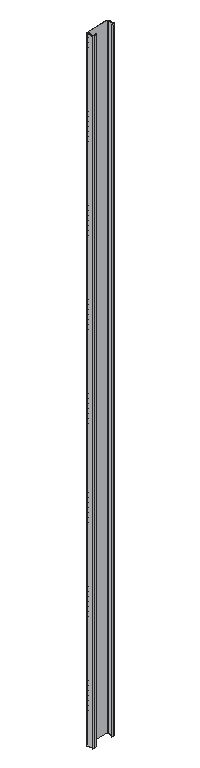
Revit family "side channel3", category Generic Models, Revit 2024
Family settings
  Can host rebar = No
  Round Connector Dimension = Use Diameter
  Part Type = Normal
  Work Plane-Based = No
  Always vertical = Yes
  Cut with Voids When Loaded = No
  Maintain Annotation Orientation = No
  Shared = No
  Room Calculation Point = No
Parameters
  SIDE CHANNEL LENGTH [instance] = 12' - 0"
  HEX REF [instance] = SIDE CHANNEL LENGTH - 0' 0 9/16"  # 11' - 11 7/16"
  HEX NUMBER [instance] = SIDE CHANNEL LENGTH / 0' 1"  # 144
  Default Elevation = 0' - 0"
Reference planes (in)
  plane 1 "Center (Front/Back)": y = 0
  plane 2: z = 0
  plane 3 "Center (Left/Right)": x = 0
  plane 4 "TOP": y = 3
  plane 5 "BOTTOM": y = -3
  plane 6 "LEFT": x = -0.875
  plane 7 "RIGHT": x = 0.875
  plane 8: y = 2.875
  plane 9: y = -2.875
  plane 10: x = 0.75
  plane 11: x = -0.75
  plane 12: y = 2.25
  plane 13: y = -2.25
  plane 14 "Center L/U": x = -0.875
  plane 15: x = -0.75
  plane 16 "SIDE CHANNEL LENGTH": z = 144
  plane 17 "Center L/V": y = 3
  plane 18 "Center L/W": y = -3
  plane 19 "Center L/Y": x = -0.875
  plane 20: y = 2.875
  plane 21: y = -2.875
  plane 22: x = -0.75
  plane 23: y = 2.25
  plane 24 "Center L/Z": x = 0.875
  plane 25: x = 0.75
  plane 26: z = 0.5625
  plane 27: y = -2.375
  plane 28: z = 0.8125
  plane 29: z = 0.3125
  plane 30: z = 1.5625
  plane 31: y = -2.375
  plane 32: z = 1.8125
  plane 33: z = 1.3125
  plane 34: z = 2.5625
  plane 35: y = -2.375
  plane 36: z = 2.8125
  plane 37: z = 2.3125
  plane 38: z = 3.5625
  plane 39: y = -2.375
  plane 40: z = 3.8125
  plane 41: z = 3.3125
  plane 42: z = 4.5625
  plane 43: y = -2.375
  plane 44: z = 4.8125
  plane 45: z = 4.3125
  plane 46: z = 5.5625
  plane 47: y = -2.375
  plane 48: z = 5.8125
  plane 49: z = 5.3125
  plane 50: z = 6.5625
  plane 51: y = -2.375
  plane 52: z = 6.8125
  plane 53: z = 6.3125
  plane 54: z = 7.5625
  plane 55: y = -2.375
  plane 56: z = 7.8125
  plane 57: z = 7.3125
  plane 58: z = 8.5625
  plane 59: y = -2.375
  plane 60: z = 8.8125
  plane 61: z = 8.3125
  plane 62: z = 9.5625
  plane 63: y = -2.375
  plane 64: z = 9.8125
  plane 65: z = 9.3125
  plane 66: z = 10.5625
  plane 67: y = -2.375
  plane 68: z = 10.8125
  plane 69: z = 10.3125
  plane 70: z = 11.5625
  plane 71: y = -2.375
  plane 72: z = 11.8125
  plane 73: z = 11.3125
  plane 74: z = 12.5625
  plane 75: y = -2.375
  plane 76: z = 12.8125
  plane 77: z = 12.3125
  plane 78: z = 13.5625
  plane 79: y = -2.375
  plane 80: z = 13.8125
  plane 81: z = 13.3125
  plane 82: z = 14.5625
  plane 83: y = -2.375
  plane 84: z = 14.8125
  plane 85: z = 14.3125
  plane 86: z = 15.5625
  plane 87: y = -2.375
  plane 88: z = 15.8125
  plane 89: z = 15.3125
  plane 90: z = 16.5625
  plane 91: y = -2.375
  plane 92: z = 16.8125
  plane 93: z = 16.3125
  plane 94: z = 17.5625
  plane 95: y = -2.375
  plane 96: z = 17.8125
  plane 97: z = 17.3125
  plane 98: z = 18.5625
  plane 99: y = -2.375
  plane 100: z = 18.8125
  plane 101: z = 18.3125
  plane 102: z = 19.5625
  plane 103: y = -2.375
  plane 104: z = 19.8125
  plane 105: z = 19.3125
  plane 106: z = 20.5625
  plane 107: y = -2.375
  plane 108: z = 20.8125
  plane 109: z = 20.3125
  plane 110: z = 21.5625
  plane 111: y = -2.375
  plane 112: z = 21.8125
  plane 113: z = 21.3125
  plane 114: z = 22.5625
  plane 115: y = -2.375
  plane 116: z = 22.8125
  plane 117: z = 22.3125
  plane 118: z = 23.5625
  plane 119: y = -2.375
  plane 120: z = 23.8125
  plane 121: z = 23.3125
  plane 122: z = 24.5625
  plane 123: y = -2.375
  plane 124: z = 24.8125
  plane 125: z = 24.3125
  plane 126: z = 25.5625
  plane 127: y = -2.375
  plane 128: z = 25.8125
  plane 129: z = 25.3125
  plane 130: z = 26.5625
  plane 131: y = -2.375
  plane 132: z = 26.8125
  plane 133: z = 26.3125
  plane 134: z = 27.5625
  plane 135: y = -2.375
  plane 136: z = 27.8125
  plane 137: z = 27.3125
  plane 138: z = 28.5625
  plane 139: y = -2.375
  plane 140: z = 28.8125
  plane 141: z = 28.3125
  plane 142: z = 29.5625
  plane 143: y = -2.375
  plane 144: z = 29.8125
  plane 145: z = 29.3125
  plane 146: z = 30.5625
  plane 147: y = -2.375
  plane 148: z = 30.8125
  plane 149: z = 30.3125
  plane 150: z = 31.5625
  plane 151: y = -2.375
  plane 152: z = 31.8125
  plane 153: z = 31.3125
  plane 154: z = 32.5625
  plane 155: y = -2.375
  plane 156: z = 32.8125
  plane 157: z = 32.3125
  plane 158: z = 33.5625
  plane 159: y = -2.375
  plane 160: z = 33.8125
  plane 161: z = 33.3125
  plane 162: z = 34.5625
  plane 163: y = -2.375
  plane 164: z = 34.8125
  plane 165: z = 34.3125
  plane 166: z = 35.5625
  plane 167: y = -2.375
  plane 168: z = 35.8125
  plane 169: z = 35.3125
  plane 170: z = 36.5625
  plane 171: y = -2.375
  plane 172: z = 36.8125
  plane 173: z = 36.3125
  plane 174: z = 37.5625
  plane 175: y = -2.375
  plane 176: z = 37.8125
  plane 177: z = 37.3125
  plane 178: z = 38.5625
  plane 179: y = -2.375
  plane 180: z = 38.8125
  plane 181: z = 38.3125
  plane 182: z = 39.5625
  plane 183: y = -2.375
  plane 184: z = 39.8125
  plane 185: z = 39.3125
  plane 186: z = 40.5625
  plane 187: y = -2.375
  plane 188: z = 40.8125
  plane 189: z = 40.3125
  plane 190: z = 41.5625
  plane 191: y = -2.375
  plane 192: z = 41.8125
  plane 193: z = 41.3125
  plane 194: z = 42.5625
  plane 195: y = -2.375
  plane 196: z = 42.8125
  plane 197: z = 42.3125
  plane 198: z = 43.5625
  plane 199: y = -2.375
  plane 200: z = 43.8125
  plane 201: z = 43.3125
  plane 202: z = 44.5625
  plane 203: y = -2.375
  plane 204: z = 44.8125
  plane 205: z = 44.3125
  plane 206: z = 45.5625
  plane 207: y = -2.375
  plane 208: z = 45.8125
  plane 209: z = 45.3125
  plane 210: z = 46.5625
  plane 211: y = -2.375
  plane 212: z = 46.8125
  plane 213: z = 46.3125
  plane 214: z = 47.5625
  plane 215: y = -2.375
  plane 216: z = 47.8125
  plane 217: z = 47.3125
  plane 218: z = 48.5625
  plane 219: y = -2.375
  plane 220: z = 48.8125
  plane 221: z = 48.3125
  plane 222: z = 49.5625
  plane 223: y = -2.375
  plane 224: z = 49.8125
  plane 225: z = 49.3125
  plane 226: z = 50.5625
  plane 227: y = -2.375
  plane 228: z = 50.8125
  plane 229: z = 50.3125
  plane 230: z = 51.5625
  plane 231: y = -2.375
  plane 232: z = 51.8125
  plane 233: z = 51.3125
  plane 234: z = 52.5625
  plane 235: y = -2.375
  plane 236: z = 52.8125
  plane 237: z = 52.3125
  plane 238: z = 53.5625
  plane 239: y = -2.375
  plane 240: z = 53.8125
  plane 241: z = 53.3125
  plane 242: z = 54.5625
  plane 243: y = -2.375
  plane 244: z = 54.8125
  plane 245: z = 54.3125
  plane 246: z = 55.5625
  plane 247: y = -2.375
  plane 248: z = 55.8125
  plane 249: z = 55.3125
  plane 250: z = 56.5625
  plane 251: y = -2.375
  plane 252: z = 56.8125
  plane 253: z = 56.3125
  plane 254: z = 57.5625
  plane 255: y = -2.375
  plane 256: z = 57.8125
  plane 257: z = 57.3125
  plane 258: z = 58.5625
  plane 259: y = -2.375
  plane 260: z = 58.8125
  plane 261: z = 58.3125
  plane 262: z = 59.5625
  plane 263: y = -2.375
  plane 264: z = 59.8125
  plane 265: z = 59.3125
  plane 266: z = 60.5625
  plane 267: y = -2.375
  plane 268: z = 60.8125
  plane 269: z = 60.3125
  plane 270: z = 61.5625
  plane 271: y = -2.375
  plane 272: z = 61.8125
  plane 273: z = 61.3125
  plane 274: z = 62.5625
  plane 275: y = -2.375
  plane 276: z = 62.8125
  plane 277: z = 62.3125
  plane 278: z = 63.5625
  plane 279: y = -2.375
  plane 280: z = 63.8125
  plane 281: z = 63.3125
  plane 282: z = 64.5625
  plane 283: y = -2.375
  plane 284: z = 64.8125
  plane 285: z = 64.3125
  plane 286: z = 65.5625
  plane 287: y = -2.375
  plane 288: z = 65.8125
  plane 289: z = 65.3125
  plane 290: z = 66.5625
  plane 291: y = -2.375
  plane 292: z = 66.8125
  plane 293: z = 66.3125
  plane 294: z = 67.5625
  plane 295: y = -2.375
  plane 296: z = 67.8125
  plane 297: z = 67.3125
  plane 298: z = 68.5625
  plane 299: y = -2.375
  plane 300: z = 68.8125
  plane 301: z = 68.3125
  plane 302: z = 69.5625
  plane 303: y = -2.375
  plane 304: z = 69.8125
  plane 305: z = 69.3125
  plane 306: z = 70.5625
  plane 307: y = -2.375
  plane 308: z = 70.8125
  plane 309: z = 70.3125
  plane 310: z = 71.5625
  plane 311: y = -2.375
  plane 312: z = 71.8125
  plane 313: z = 71.3125
  plane 314: z = 72.5625
  plane 315: y = -2.375
  plane 316: z = 72.8125
  plane 317: z = 72.3125
  plane 318: z = 73.5625
  plane 319: y = -2.375
  plane 320: z = 73.8125
  plane 321: z = 73.3125
  plane 322: z = 74.5625
  plane 323: y = -2.375
  plane 324: z = 74.8125
  plane 325: z = 74.3125
  plane 326: z = 75.5625
  plane 327: y = -2.375
  plane 328: z = 75.8125
  plane 329: z = 75.3125
  plane 330: z = 76.5625
  plane 331: y = -2.375
  plane 332: z = 76.8125
  plane 333: z = 76.3125
  plane 334: z = 77.5625
  plane 335: y = -2.375
  plane 336: z = 77.8125
  plane 337: z = 77.3125
  plane 338: z = 78.5625
  plane 339: y = -2.375
  plane 340: z = 78.8125
  plane 341: z = 78.3125
  plane 342: z = 79.5625
  plane 343: y = -2.375
  plane 344: z = 79.8125
  plane 345: z = 79.3125
  plane 346: z = 80.5625
  plane 347: y = -2.375
  plane 348: z = 80.8125
  plane 349: z = 80.3125
  plane 350: z = 81.5625
  plane 351: y = -2.375
  plane 352: z = 81.8125
  plane 353: z = 81.3125
  plane 354: z = 82.5625
  plane 355: y = -2.375
  plane 356: z = 82.8125
  plane 357: z = 82.3125
  plane 358: z = 83.5625
  plane 359: y = -2.375
  plane 360: z = 83.8125
  plane 361: z = 83.3125
  plane 362: z = 84.5625
  plane 363: y = -2.375
  plane 364: z = 84.8125
  plane 365: z = 84.3125
  plane 366: z = 85.5625
  plane 367: y = -2.375
  plane 368: z = 85.8125
  plane 369: z = 85.3125
  plane 370: z = 86.5625
  plane 371: y = -2.375
  plane 372: z = 86.8125
  plane 373: z = 86.3125
  plane 374: z = 87.5625
  plane 375: y = -2.375
  plane 376: z = 87.8125
  plane 377: z = 87.3125
  plane 378: z = 88.5625
  plane 379: y = -2.375
  plane 380: z = 88.8125
  plane 381: z = 88.3125
  plane 382: z = 89.5625
  plane 383: y = -2.375
  plane 384: z = 89.8125
  plane 385: z = 89.3125
  plane 386: z = 90.5625
  plane 387: y = -2.375
  plane 388: z = 90.8125
  plane 389: z = 90.3125
  plane 390: z = 91.5625
  plane 391: y = -2.375
  plane 392: z = 91.8125
  plane 393: z = 91.3125
  plane 394: z = 92.5625
  plane 395: y = -2.375
  plane 396: z = 92.8125
  plane 397: z = 92.3125
  plane 398: z = 93.5625
  plane 399: y = -2.375
  plane 400: z = 93.8125
  plane 401: z = 93.3125
  plane 402: z = 94.5625
  plane 403: y = -2.375
  plane 404: z = 94.8125
  plane 405: z = 94.3125
  plane 406: z = 95.5625
  plane 407: y = -2.375
  plane 408: z = 95.8125
  plane 409: z = 95.3125
  plane 410: z = 96.5625
  plane 411: y = -2.375
  plane 412: z = 96.8125
  plane 413: z = 96.3125
  plane 414: z = 97.5625
  plane 415: y = -2.375
  plane 416: z = 97.8125
  plane 417: z = 97.3125
  plane 418: z = 98.5625
  plane 419: y = -2.375
  plane 420: z = 98.8125
  plane 421: z = 98.3125
  plane 422: z = 99.5625
  plane 423: y = -2.375
  plane 424: z = 99.8125
  plane 425: z = 99.3125
  plane 426: z = 100.5625
  plane 427: y = -2.375
  plane 428: z = 100.8125
  plane 429: z = 100.3125
  plane 430: z = 101.5625
  plane 431: y = -2.375
  plane 432: z = 101.8125
  plane 433: z = 101.3125
  plane 434: z = 102.5625
  plane 435: y = -2.375
  plane 436: z = 102.8125
  plane 437: z = 102.3125
  plane 438: z = 103.5625
  plane 439: y = -2.375
  plane 440: z = 103.8125
  plane 441: z = 103.3125
  plane 442: z = 104.5625
  plane 443: y = -2.375
  plane 444: z = 104.8125
  plane 445: z = 104.3125
  plane 446: z = 105.5625
  plane 447: y = -2.375
  plane 448: z = 105.8125
  plane 449: z = 105.3125
  plane 450: z = 106.5625
  plane 451: y = -2.375
  plane 452: z = 106.8125
  plane 453: z = 106.3125
  plane 454: z = 107.5625
  plane 455: y = -2.375
  plane 456: z = 107.8125
  plane 457: z = 107.3125
  plane 458: z = 108.5625
  plane 459: y = -2.375
  plane 460: z = 108.8125
  plane 461: z = 108.3125
  plane 462: z = 109.5625
  plane 463: y = -2.375
  plane 464: z = 109.8125
  plane 465: z = 109.3125
  plane 466: z = 110.5625
  plane 467: y = -2.375
  plane 468: z = 110.8125
  plane 469: z = 110.3125
  plane 470: z = 111.5625
  plane 471: y = -2.375
  plane 472: z = 111.8125
  plane 473: z = 111.3125
  plane 474: z = 112.5625
  plane 475: y = -2.375
  plane 476: z = 112.8125
  plane 477: z = 112.3125
  plane 478: z = 113.5625
  plane 479: y = -2.375
  plane 480: z = 113.8125
  plane 481: z = 113.3125
  plane 482: z = 114.5625
  plane 483: y = -2.375
  plane 484: z = 114.8125
  plane 485: z = 114.3125
  plane 486: z = 115.5625
  plane 487: y = -2.375
  plane 488: z = 115.8125
  plane 489: z = 115.3125
  plane 490: z = 116.5625
  plane 491: y = -2.375
  plane 492: z = 116.8125
  plane 493: z = 116.3125
  plane 494: z = 117.5625
  plane 495: y = -2.375
  plane 496: z = 117.8125
  plane 497: z = 117.3125
  plane 498: z = 118.5625
  plane 499: y = -2.375
  plane 500: z = 118.8125
  plane 501: z = 118.3125
  plane 502: z = 119.5625
  plane 503: y = -2.375
  plane 504: z = 119.8125
  plane 505: z = 119.3125
  plane 506: z = 120.5625
  plane 507: y = -2.375
  plane 508: z = 120.8125
  plane 509: z = 120.3125
  plane 510: z = 121.5625
  plane 511: y = -2.375
  plane 512: z = 121.8125
  plane 513: z = 121.3125
  plane 514: z = 122.5625
  plane 515: y = -2.375
  plane 516: z = 122.8125
  plane 517: z = 122.3125
  plane 518: z = 123.5625
  plane 519: y = -2.375
  plane 520: z = 123.8125
  plane 521: z = 123.3125
  plane 522: z = 124.5625
  plane 523: y = -2.375
  plane 524: z = 124.8125
  plane 525: z = 124.3125
  plane 526: z = 125.5625
  plane 527: y = -2.375
  plane 528: z = 125.8125
  plane 529: z = 125.3125
  plane 530: z = 126.5625
  plane 531: y = -2.375
  plane 532: z = 126.8125
  plane 533: z = 126.3125
  plane 534: z = 127.5625
  plane 535: y = -2.375
  plane 536: z = 127.8125
  plane 537: z = 127.3125
  plane 538: z = 128.5625
  plane 539: y = -2.375
  plane 540: z = 128.8125
  plane 541: z = 128.3125
  plane 542: z = 129.5625
  plane 543: y = -2.375
  plane 544: z = 129.8125
  plane 545: z = 129.3125
  plane 546: z = 130.5625
  plane 547: y = -2.375
  plane 548: z = 130.8125
  plane 549: z = 130.3125
  plane 550: z = 131.5625
  plane 551: y = -2.375
  plane 552: z = 131.8125
  plane 553: z = 131.3125
  plane 554: z = 132.5625
  plane 555: y = -2.375
  plane 556: z = 132.8125
  plane 557: z = 132.3125
  plane 558: z = 133.5625
  plane 559: y = -2.375
  plane 560: z = 133.8125
  plane 561: z = 133.3125
  plane 562: z = 134.5625
  plane 563: y = -2.375
  plane 564: z = 134.8125
  plane 565: z = 134.3125
  plane 566: z = 135.5625
  plane 567: y = -2.375
  plane 568: z = 135.8125
  plane 569: z = 135.3125
  plane 570: z = 136.5625
  plane 571: y = -2.375
  plane 572: z = 136.8125
  plane 573: z = 136.3125
  plane 574: z = 137.5625
  plane 575: y = -2.375
  plane 576: z = 137.8125
  plane 577: z = 137.3125
  plane 578: z = 138.5625
  plane 579: y = -2.375
  plane 580: z = 138.8125
  plane 581: z = 138.3125
  plane 582: z = 139.5625
  plane 583: y = -2.375
  plane 584: z = 139.8125
  plane 585: z = 139.3125
  plane 586: z = 140.5625
  plane 587: y = -2.375
  plane 588: z = 140.8125
  plane 589: z = 140.3125
  plane 590: z = 141.5625
  plane 591: y = -2.375
  plane 592: z = 141.8125
  plane 593: z = 141.3125
  plane 594: z = 142.5625
  plane 595: y = -2.375
  plane 596: z = 142.8125
  plane 597: z = 142.3125
  plane 598: z = 143.5625
  plane 599: y = -2.375
  plane 600: z = 143.8125
  plane 601: z = 143.3125
Forms (in)
  Extrusion 1, solid
    sketch origin (0, 0, 0) x (-1, 0, 0) y (0, -1, 0)
      loop
        line (-0.875, -2.25) -> (-0.875, -2.75)
        arc (-0.875, -2.75) -> (-0.80178, -2.92678) -> (-0.625, -3) r 0.25
        line (-0.625, -3) -> (0.625, -3)
        arc (0.625, -3) -> (0.80178, -2.92678) -> (0.875, -2.75) r 0.25
        line (0.875, -2.75) -> (0.875, 2.75)
        arc (0.875, 2.75) -> (0.80178, 2.92678) -> (0.625, 3) r 0.25
        line (0.625, 3) -> (-0.625, 3)
        arc (-0.625, 3) -> (-0.80178, 2.92678) -> (-0.875, 2.75) r 0.25
        line (-0.875, 2.75) -> (-0.875, 2.25) -> (-0.75, 2.25) -> (-0.75, 2.75)
        arc (-0.75, 2.75) -> (-0.71339, 2.83839) -> (-0.625, 2.875) r 0.125
        line (-0.625, 2.875) -> (0.625, 2.875)
        arc (0.625, 2.875) -> (0.71339, 2.83839) -> (0.75, 2.75) r 0.125
        line (0.75, 2.75) -> (0.75, -2.75)
        arc (0.75, -2.75) -> (0.71339, -2.83839) -> (0.625, -2.875) r 0.125
        line (0.625, -2.875) -> (-0.625, -2.875)
        arc (-0.625, -2.875) -> (-0.71339, -2.83839) -> (-0.75, -2.75) r 0.125
        line (-0.75, -2.75) -> (-0.75, -2.25) -> (-0.875, -2.25)
    from 0 to 144 <- "SIDE CHANNEL LENGTH"
  Extrusion 2, void
    sketch origin (0, 0, 0) x (0, 1, 0) y (0, 0, -1)
      loop
        line (-2, -0.5625) -> (-2.1875, -0.23774) -> (-2.5625, -0.23774) -> (-2.60566, -0.3125) -> (-3, -0.3125) -> (-3, -0.8125) -> (-2.60566, -0.8125) -> (-2.5625, -0.88726) -> (-2.1875, -0.88726) -> (-2, -0.5625)
    from 0.32087 to 0.875
  Extrusion 3, void
    sketch origin (0, 0, 1) x (0, 1, 0) y (0, 0, -1)
      loop
        line (-2, -0.5625) -> (-2.1875, -0.23774) -> (-2.5625, -0.23774) -> (-2.60566, -0.3125) -> (-3, -0.3125) -> (-3, -0.8125) -> (-2.60566, -0.8125) -> (-2.5625, -0.88726) -> (-2.1875, -0.88726) -> (-2, -0.5625)
    from 0.32087 to 0.875
  Extrusion 4, void
    sketch origin (0, 0, 2) x (0, 1, 0) y (0, 0, -1)
      loop
        line (-2, -0.5625) -> (-2.1875, -0.23774) -> (-2.5625, -0.23774) -> (-2.60566, -0.3125) -> (-3, -0.3125) -> (-3, -0.8125) -> (-2.60566, -0.8125) -> (-2.5625, -0.88726) -> (-2.1875, -0.88726) -> (-2, -0.5625)
    from 0.32087 to 0.875
  Extrusion 5, void
    sketch origin (0, 0, 3) x (0, 1, 0) y (0, 0, -1)
      loop
        line (-2, -0.5625) -> (-2.1875, -0.23774) -> (-2.5625, -0.23774) -> (-2.60566, -0.3125) -> (-3, -0.3125) -> (-3, -0.8125) -> (-2.60566, -0.8125) -> (-2.5625, -0.88726) -> (-2.1875, -0.88726) -> (-2, -0.5625)
    from 0.32087 to 0.875
  Extrusion 6, void
    sketch origin (0, 0, 4) x (0, 1, 0) y (0, 0, -1)
      loop
        line (-2, -0.5625) -> (-2.1875, -0.23774) -> (-2.5625, -0.23774) -> (-2.60566, -0.3125) -> (-3, -0.3125) -> (-3, -0.8125) -> (-2.60566, -0.8125) -> (-2.5625, -0.88726) -> (-2.1875, -0.88726) -> (-2, -0.5625)
    from 0.32087 to 0.875
  Extrusion 7, void
    sketch origin (0, 0, 5) x (0, 1, 0) y (0, 0, -1)
      loop
        line (-2, -0.5625) -> (-2.1875, -0.23774) -> (-2.5625, -0.23774) -> (-2.60566, -0.3125) -> (-3, -0.3125) -> (-3, -0.8125) -> (-2.60566, -0.8125) -> (-2.5625, -0.88726) -> (-2.1875, -0.88726) -> (-2, -0.5625)
    from 0.32087 to 0.875
  Extrusion 8, void
    sketch origin (0, 0, 6) x (0, 1, 0) y (0, 0, -1)
      loop
        line (-2, -0.5625) -> (-2.1875, -0.23774) -> (-2.5625, -0.23774) -> (-2.60566, -0.3125) -> (-3, -0.3125) -> (-3, -0.8125) -> (-2.60566, -0.8125) -> (-2.5625, -0.88726) -> (-2.1875, -0.88726) -> (-2, -0.5625)
    from 0.32087 to 0.875
  Extrusion 9, void
    sketch origin (0, 0, 7) x (0, 1, 0) y (0, 0, -1)
      loop
        line (-2, -0.5625) -> (-2.1875, -0.23774) -> (-2.5625, -0.23774) -> (-2.60566, -0.3125) -> (-3, -0.3125) -> (-3, -0.8125) -> (-2.60566, -0.8125) -> (-2.5625, -0.88726) -> (-2.1875, -0.88726) -> (-2, -0.5625)
    from 0.32087 to 0.875
  Extrusion 10, void
    sketch origin (0, 0, 8) x (0, 1, 0) y (0, 0, -1)
      loop
        line (-2, -0.5625) -> (-2.1875, -0.23774) -> (-2.5625, -0.23774) -> (-2.60566, -0.3125) -> (-3, -0.3125) -> (-3, -0.8125) -> (-2.60566, -0.8125) -> (-2.5625, -0.88726) -> (-2.1875, -0.88726) -> (-2, -0.5625)
    from 0.32087 to 0.875
  Extrusion 11, void
    sketch origin (0, 0, 9) x (0, 1, 0) y (0, 0, -1)
      loop
        line (-2, -0.5625) -> (-2.1875, -0.23774) -> (-2.5625, -0.23774) -> (-2.60566, -0.3125) -> (-3, -0.3125) -> (-3, -0.8125) -> (-2.60566, -0.8125) -> (-2.5625, -0.88726) -> (-2.1875, -0.88726) -> (-2, -0.5625)
    from 0.32087 to 0.875
  Extrusion 12, void
    sketch origin (0, 0, 10) x (0, 1, 0) y (0, 0, -1)
      loop
        line (-2, -0.5625) -> (-2.1875, -0.23774) -> (-2.5625, -0.23774) -> (-2.60566, -0.3125) -> (-3, -0.3125) -> (-3, -0.8125) -> (-2.60566, -0.8125) -> (-2.5625, -0.88726) -> (-2.1875, -0.88726) -> (-2, -0.5625)
    from 0.32087 to 0.875
  Extrusion 13, void
    sketch origin (0, 0, 11) x (0, 1, 0) y (0, 0, -1)
      loop
        line (-2, -0.5625) -> (-2.1875, -0.23774) -> (-2.5625, -0.23774) -> (-2.60566, -0.3125) -> (-3, -0.3125) -> (-3, -0.8125) -> (-2.60566, -0.8125) -> (-2.5625, -0.88726) -> (-2.1875, -0.88726) -> (-2, -0.5625)
    from 0.32087 to 0.875
  Extrusion 14, void
    sketch origin (0, 0, 12) x (0, 1, 0) y (0, 0, -1)
      loop
        line (-2, -0.5625) -> (-2.1875, -0.23774) -> (-2.5625, -0.23774) -> (-2.60566, -0.3125) -> (-3, -0.3125) -> (-3, -0.8125) -> (-2.60566, -0.8125) -> (-2.5625, -0.88726) -> (-2.1875, -0.88726) -> (-2, -0.5625)
    from 0.32087 to 0.875
  Extrusion 15, void
    sketch origin (0, 0, 13) x (0, 1, 0) y (0, 0, -1)
      loop
        line (-2, -0.5625) -> (-2.1875, -0.23774) -> (-2.5625, -0.23774) -> (-2.60566, -0.3125) -> (-3, -0.3125) -> (-3, -0.8125) -> (-2.60566, -0.8125) -> (-2.5625, -0.88726) -> (-2.1875, -0.88726) -> (-2, -0.5625)
    from 0.32087 to 0.875
  Extrusion 16, void
    sketch origin (0, 0, 14) x (0, 1, 0) y (0, 0, -1)
      loop
        line (-2, -0.5625) -> (-2.1875, -0.23774) -> (-2.5625, -0.23774) -> (-2.60566, -0.3125) -> (-3, -0.3125) -> (-3, -0.8125) -> (-2.60566, -0.8125) -> (-2.5625, -0.88726) -> (-2.1875, -0.88726) -> (-2, -0.5625)
    from 0.32087 to 0.875
  Extrusion 17, void
    sketch origin (0, 0, 15) x (0, 1, 0) y (0, 0, -1)
      loop
        line (-2, -0.5625) -> (-2.1875, -0.23774) -> (-2.5625, -0.23774) -> (-2.60566, -0.3125) -> (-3, -0.3125) -> (-3, -0.8125) -> (-2.60566, -0.8125) -> (-2.5625, -0.88726) -> (-2.1875, -0.88726) -> (-2, -0.5625)
    from 0.32087 to 0.875
  Extrusion 18, void
    sketch origin (0, 0, 16) x (0, 1, 0) y (0, 0, -1)
      loop
        line (-2, -0.5625) -> (-2.1875, -0.23774) -> (-2.5625, -0.23774) -> (-2.60566, -0.3125) -> (-3, -0.3125) -> (-3, -0.8125) -> (-2.60566, -0.8125) -> (-2.5625, -0.88726) -> (-2.1875, -0.88726) -> (-2, -0.5625)
    from 0.32087 to 0.875
  Extrusion 19, void
    sketch origin (0, 0, 17) x (0, 1, 0) y (0, 0, -1)
      loop
        line (-2, -0.5625) -> (-2.1875, -0.23774) -> (-2.5625, -0.23774) -> (-2.60566, -0.3125) -> (-3, -0.3125) -> (-3, -0.8125) -> (-2.60566, -0.8125) -> (-2.5625, -0.88726) -> (-2.1875, -0.88726) -> (-2, -0.5625)
    from 0.32087 to 0.875
  Extrusion 20, void
    sketch origin (0, 0, 18) x (0, 1, 0) y (0, 0, -1)
      loop
        line (-2, -0.5625) -> (-2.1875, -0.23774) -> (-2.5625, -0.23774) -> (-2.60566, -0.3125) -> (-3, -0.3125) -> (-3, -0.8125) -> (-2.60566, -0.8125) -> (-2.5625, -0.88726) -> (-2.1875, -0.88726) -> (-2, -0.5625)
    from 0.32087 to 0.875
  Extrusion 21, void
    sketch origin (0, 0, 19) x (0, 1, 0) y (0, 0, -1)
      loop
        line (-2, -0.5625) -> (-2.1875, -0.23774) -> (-2.5625, -0.23774) -> (-2.60566, -0.3125) -> (-3, -0.3125) -> (-3, -0.8125) -> (-2.60566, -0.8125) -> (-2.5625, -0.88726) -> (-2.1875, -0.88726) -> (-2, -0.5625)
    from 0.32087 to 0.875
  Extrusion 22, void
    sketch origin (0, 0, 20) x (0, 1, 0) y (0, 0, -1)
      loop
        line (-2, -0.5625) -> (-2.1875, -0.23774) -> (-2.5625, -0.23774) -> (-2.60566, -0.3125) -> (-3, -0.3125) -> (-3, -0.8125) -> (-2.60566, -0.8125) -> (-2.5625, -0.88726) -> (-2.1875, -0.88726) -> (-2, -0.5625)
    from 0.32087 to 0.875
  Extrusion 23, void
    sketch origin (0, 0, 21) x (0, 1, 0) y (0, 0, -1)
      loop
        line (-2, -0.5625) -> (-2.1875, -0.23774) -> (-2.5625, -0.23774) -> (-2.60566, -0.3125) -> (-3, -0.3125) -> (-3, -0.8125) -> (-2.60566, -0.8125) -> (-2.5625, -0.88726) -> (-2.1875, -0.88726) -> (-2, -0.5625)
    from 0.32087 to 0.875
  Extrusion 24, void
    sketch origin (0, 0, 22) x (0, 1, 0) y (0, 0, -1)
      loop
        line (-2, -0.5625) -> (-2.1875, -0.23774) -> (-2.5625, -0.23774) -> (-2.60566, -0.3125) -> (-3, -0.3125) -> (-3, -0.8125) -> (-2.60566, -0.8125) -> (-2.5625, -0.88726) -> (-2.1875, -0.88726) -> (-2, -0.5625)
    from 0.32087 to 0.875
  Extrusion 25, void
    sketch origin (0, 0, 23) x (0, 1, 0) y (0, 0, -1)
      loop
        line (-2, -0.5625) -> (-2.1875, -0.23774) -> (-2.5625, -0.23774) -> (-2.60566, -0.3125) -> (-3, -0.3125) -> (-3, -0.8125) -> (-2.60566, -0.8125) -> (-2.5625, -0.88726) -> (-2.1875, -0.88726) -> (-2, -0.5625)
    from 0.32087 to 0.875
  Extrusion 26, void
    sketch origin (0, 0, 24) x (0, 1, 0) y (0, 0, -1)
      loop
        line (-2, -0.5625) -> (-2.1875, -0.23774) -> (-2.5625, -0.23774) -> (-2.60566, -0.3125) -> (-3, -0.3125) -> (-3, -0.8125) -> (-2.60566, -0.8125) -> (-2.5625, -0.88726) -> (-2.1875, -0.88726) -> (-2, -0.5625)
    from 0.32087 to 0.875
  Extrusion 27, void
    sketch origin (0, 0, 25) x (0, 1, 0) y (0, 0, -1)
      loop
        line (-2, -0.5625) -> (-2.1875, -0.23774) -> (-2.5625, -0.23774) -> (-2.60566, -0.3125) -> (-3, -0.3125) -> (-3, -0.8125) -> (-2.60566, -0.8125) -> (-2.5625, -0.88726) -> (-2.1875, -0.88726) -> (-2, -0.5625)
    from 0.32087 to 0.875
  Extrusion 28, void
    sketch origin (0, 0, 26) x (0, 1, 0) y (0, 0, -1)
      loop
        line (-2, -0.5625) -> (-2.1875, -0.23774) -> (-2.5625, -0.23774) -> (-2.60566, -0.3125) -> (-3, -0.3125) -> (-3, -0.8125) -> (-2.60566, -0.8125) -> (-2.5625, -0.88726) -> (-2.1875, -0.88726) -> (-2, -0.5625)
    from 0.32087 to 0.875
  Extrusion 29, void
    sketch origin (0, 0, 27) x (0, 1, 0) y (0, 0, -1)
      loop
        line (-2, -0.5625) -> (-2.1875, -0.23774) -> (-2.5625, -0.23774) -> (-2.60566, -0.3125) -> (-3, -0.3125) -> (-3, -0.8125) -> (-2.60566, -0.8125) -> (-2.5625, -0.88726) -> (-2.1875, -0.88726) -> (-2, -0.5625)
    from 0.32087 to 0.875
  Extrusion 30, void
    sketch origin (0, 0, 28) x (0, 1, 0) y (0, 0, -1)
      loop
        line (-2, -0.5625) -> (-2.1875, -0.23774) -> (-2.5625, -0.23774) -> (-2.60566, -0.3125) -> (-3, -0.3125) -> (-3, -0.8125) -> (-2.60566, -0.8125) -> (-2.5625, -0.88726) -> (-2.1875, -0.88726) -> (-2, -0.5625)
    from 0.32087 to 0.875
  Extrusion 31, void
    sketch origin (0, 0, 29) x (0, 1, 0) y (0, 0, -1)
      loop
        line (-2, -0.5625) -> (-2.1875, -0.23774) -> (-2.5625, -0.23774) -> (-2.60566, -0.3125) -> (-3, -0.3125) -> (-3, -0.8125) -> (-2.60566, -0.8125) -> (-2.5625, -0.88726) -> (-2.1875, -0.88726) -> (-2, -0.5625)
    from 0.32087 to 0.875
  Extrusion 32, void
    sketch origin (0, 0, 30) x (0, 1, 0) y (0, 0, -1)
      loop
        line (-2, -0.5625) -> (-2.1875, -0.23774) -> (-2.5625, -0.23774) -> (-2.60566, -0.3125) -> (-3, -0.3125) -> (-3, -0.8125) -> (-2.60566, -0.8125) -> (-2.5625, -0.88726) -> (-2.1875, -0.88726) -> (-2, -0.5625)
    from 0.32087 to 0.875
  Extrusion 33, void
    sketch origin (0, 0, 31) x (0, 1, 0) y (0, 0, -1)
      loop
        line (-2, -0.5625) -> (-2.1875, -0.23774) -> (-2.5625, -0.23774) -> (-2.60566, -0.3125) -> (-3, -0.3125) -> (-3, -0.8125) -> (-2.60566, -0.8125) -> (-2.5625, -0.88726) -> (-2.1875, -0.88726) -> (-2, -0.5625)
    from 0.32087 to 0.875
  Extrusion 34, void
    sketch origin (0, 0, 32) x (0, 1, 0) y (0, 0, -1)
      loop
        line (-2, -0.5625) -> (-2.1875, -0.23774) -> (-2.5625, -0.23774) -> (-2.60566, -0.3125) -> (-3, -0.3125) -> (-3, -0.8125) -> (-2.60566, -0.8125) -> (-2.5625, -0.88726) -> (-2.1875, -0.88726) -> (-2, -0.5625)
    from 0.32087 to 0.875
  Extrusion 35, void
    sketch origin (0, 0, 33) x (0, 1, 0) y (0, 0, -1)
      loop
        line (-2, -0.5625) -> (-2.1875, -0.23774) -> (-2.5625, -0.23774) -> (-2.60566, -0.3125) -> (-3, -0.3125) -> (-3, -0.8125) -> (-2.60566, -0.8125) -> (-2.5625, -0.88726) -> (-2.1875, -0.88726) -> (-2, -0.5625)
    from 0.32087 to 0.875
  Extrusion 36, void
    sketch origin (0, 0, 34) x (0, 1, 0) y (0, 0, -1)
      loop
        line (-2, -0.5625) -> (-2.1875, -0.23774) -> (-2.5625, -0.23774) -> (-2.60566, -0.3125) -> (-3, -0.3125) -> (-3, -0.8125) -> (-2.60566, -0.8125) -> (-2.5625, -0.88726) -> (-2.1875, -0.88726) -> (-2, -0.5625)
    from 0.32087 to 0.875
  Extrusion 37, void
    sketch origin (0, 0, 35) x (0, 1, 0) y (0, 0, -1)
      loop
        line (-2, -0.5625) -> (-2.1875, -0.23774) -> (-2.5625, -0.23774) -> (-2.60566, -0.3125) -> (-3, -0.3125) -> (-3, -0.8125) -> (-2.60566, -0.8125) -> (-2.5625, -0.88726) -> (-2.1875, -0.88726) -> (-2, -0.5625)
    from 0.32087 to 0.875
  Extrusion 38, void
    sketch origin (0, 0, 36) x (0, 1, 0) y (0, 0, -1)
      loop
        line (-2, -0.5625) -> (-2.1875, -0.23774) -> (-2.5625, -0.23774) -> (-2.60566, -0.3125) -> (-3, -0.3125) -> (-3, -0.8125) -> (-2.60566, -0.8125) -> (-2.5625, -0.88726) -> (-2.1875, -0.88726) -> (-2, -0.5625)
    from 0.32087 to 0.875
  Extrusion 39, void
    sketch origin (0, 0, 37) x (0, 1, 0) y (0, 0, -1)
      loop
        line (-2, -0.5625) -> (-2.1875, -0.23774) -> (-2.5625, -0.23774) -> (-2.60566, -0.3125) -> (-3, -0.3125) -> (-3, -0.8125) -> (-2.60566, -0.8125) -> (-2.5625, -0.88726) -> (-2.1875, -0.88726) -> (-2, -0.5625)
    from 0.32087 to 0.875
  Extrusion 40, void
    sketch origin (0, 0, 38) x (0, 1, 0) y (0, 0, -1)
      loop
        line (-2, -0.5625) -> (-2.1875, -0.23774) -> (-2.5625, -0.23774) -> (-2.60566, -0.3125) -> (-3, -0.3125) -> (-3, -0.8125) -> (-2.60566, -0.8125) -> (-2.5625, -0.88726) -> (-2.1875, -0.88726) -> (-2, -0.5625)
    from 0.32087 to 0.875
  Extrusion 41, void
    sketch origin (0, 0, 39) x (0, 1, 0) y (0, 0, -1)
      loop
        line (-2, -0.5625) -> (-2.1875, -0.23774) -> (-2.5625, -0.23774) -> (-2.60566, -0.3125) -> (-3, -0.3125) -> (-3, -0.8125) -> (-2.60566, -0.8125) -> (-2.5625, -0.88726) -> (-2.1875, -0.88726) -> (-2, -0.5625)
    from 0.32087 to 0.875
  Extrusion 42, void
    sketch origin (0, 0, 40) x (0, 1, 0) y (0, 0, -1)
      loop
        line (-2, -0.5625) -> (-2.1875, -0.23774) -> (-2.5625, -0.23774) -> (-2.60566, -0.3125) -> (-3, -0.3125) -> (-3, -0.8125) -> (-2.60566, -0.8125) -> (-2.5625, -0.88726) -> (-2.1875, -0.88726) -> (-2, -0.5625)
    from 0.32087 to 0.875
  Extrusion 43, void
    sketch origin (0, 0, 41) x (0, 1, 0) y (0, 0, -1)
      loop
        line (-2, -0.5625) -> (-2.1875, -0.23774) -> (-2.5625, -0.23774) -> (-2.60566, -0.3125) -> (-3, -0.3125) -> (-3, -0.8125) -> (-2.60566, -0.8125) -> (-2.5625, -0.88726) -> (-2.1875, -0.88726) -> (-2, -0.5625)
    from 0.32087 to 0.875
  Extrusion 44, void
    sketch origin (0, 0, 42) x (0, 1, 0) y (0, 0, -1)
      loop
        line (-2, -0.5625) -> (-2.1875, -0.23774) -> (-2.5625, -0.23774) -> (-2.60566, -0.3125) -> (-3, -0.3125) -> (-3, -0.8125) -> (-2.60566, -0.8125) -> (-2.5625, -0.88726) -> (-2.1875, -0.88726) -> (-2, -0.5625)
    from 0.32087 to 0.875
  Extrusion 45, void
    sketch origin (0, 0, 43) x (0, 1, 0) y (0, 0, -1)
      loop
        line (-2, -0.5625) -> (-2.1875, -0.23774) -> (-2.5625, -0.23774) -> (-2.60566, -0.3125) -> (-3, -0.3125) -> (-3, -0.8125) -> (-2.60566, -0.8125) -> (-2.5625, -0.88726) -> (-2.1875, -0.88726) -> (-2, -0.5625)
    from 0.32087 to 0.875
  Extrusion 46, void
    sketch origin (0, 0, 44) x (0, 1, 0) y (0, 0, -1)
      loop
        line (-2, -0.5625) -> (-2.1875, -0.23774) -> (-2.5625, -0.23774) -> (-2.60566, -0.3125) -> (-3, -0.3125) -> (-3, -0.8125) -> (-2.60566, -0.8125) -> (-2.5625, -0.88726) -> (-2.1875, -0.88726) -> (-2, -0.5625)
    from 0.32087 to 0.875
  Extrusion 47, void
    sketch origin (0, 0, 45) x (0, 1, 0) y (0, 0, -1)
      loop
        line (-2, -0.5625) -> (-2.1875, -0.23774) -> (-2.5625, -0.23774) -> (-2.60566, -0.3125) -> (-3, -0.3125) -> (-3, -0.8125) -> (-2.60566, -0.8125) -> (-2.5625, -0.88726) -> (-2.1875, -0.88726) -> (-2, -0.5625)
    from 0.32087 to 0.875
  Extrusion 48, void
    sketch origin (0, 0, 46) x (0, 1, 0) y (0, 0, -1)
      loop
        line (-2, -0.5625) -> (-2.1875, -0.23774) -> (-2.5625, -0.23774) -> (-2.60566, -0.3125) -> (-3, -0.3125) -> (-3, -0.8125) -> (-2.60566, -0.8125) -> (-2.5625, -0.88726) -> (-2.1875, -0.88726) -> (-2, -0.5625)
    from 0.32087 to 0.875
  Extrusion 49, void
    sketch origin (0, 0, 47) x (0, 1, 0) y (0, 0, -1)
      loop
        line (-2, -0.5625) -> (-2.1875, -0.23774) -> (-2.5625, -0.23774) -> (-2.60566, -0.3125) -> (-3, -0.3125) -> (-3, -0.8125) -> (-2.60566, -0.8125) -> (-2.5625, -0.88726) -> (-2.1875, -0.88726) -> (-2, -0.5625)
    from 0.32087 to 0.875
  Extrusion 50, void
    sketch origin (0, 0, 48) x (0, 1, 0) y (0, 0, -1)
      loop
        line (-2, -0.5625) -> (-2.1875, -0.23774) -> (-2.5625, -0.23774) -> (-2.60566, -0.3125) -> (-3, -0.3125) -> (-3, -0.8125) -> (-2.60566, -0.8125) -> (-2.5625, -0.88726) -> (-2.1875, -0.88726) -> (-2, -0.5625)
    from 0.32087 to 0.875
  Extrusion 51, void
    sketch origin (0, 0, 49) x (0, 1, 0) y (0, 0, -1)
      loop
        line (-2, -0.5625) -> (-2.1875, -0.23774) -> (-2.5625, -0.23774) -> (-2.60566, -0.3125) -> (-3, -0.3125) -> (-3, -0.8125) -> (-2.60566, -0.8125) -> (-2.5625, -0.88726) -> (-2.1875, -0.88726) -> (-2, -0.5625)
    from 0.32087 to 0.875
  Extrusion 52, void
    sketch origin (0, 0, 50) x (0, 1, 0) y (0, 0, -1)
      loop
        line (-2, -0.5625) -> (-2.1875, -0.23774) -> (-2.5625, -0.23774) -> (-2.60566, -0.3125) -> (-3, -0.3125) -> (-3, -0.8125) -> (-2.60566, -0.8125) -> (-2.5625, -0.88726) -> (-2.1875, -0.88726) -> (-2, -0.5625)
    from 0.32087 to 0.875
  Extrusion 53, void
    sketch origin (0, 0, 51) x (0, 1, 0) y (0, 0, -1)
      loop
        line (-2, -0.5625) -> (-2.1875, -0.23774) -> (-2.5625, -0.23774) -> (-2.60566, -0.3125) -> (-3, -0.3125) -> (-3, -0.8125) -> (-2.60566, -0.8125) -> (-2.5625, -0.88726) -> (-2.1875, -0.88726) -> (-2, -0.5625)
    from 0.32087 to 0.875
  Extrusion 54, void
    sketch origin (0, 0, 52) x (0, 1, 0) y (0, 0, -1)
      loop
        line (-2, -0.5625) -> (-2.1875, -0.23774) -> (-2.5625, -0.23774) -> (-2.60566, -0.3125) -> (-3, -0.3125) -> (-3, -0.8125) -> (-2.60566, -0.8125) -> (-2.5625, -0.88726) -> (-2.1875, -0.88726) -> (-2, -0.5625)
    from 0.32087 to 0.875
  Extrusion 55, void
    sketch origin (0, 0, 53) x (0, 1, 0) y (0, 0, -1)
      loop
        line (-2, -0.5625) -> (-2.1875, -0.23774) -> (-2.5625, -0.23774) -> (-2.60566, -0.3125) -> (-3, -0.3125) -> (-3, -0.8125) -> (-2.60566, -0.8125) -> (-2.5625, -0.88726) -> (-2.1875, -0.88726) -> (-2, -0.5625)
    from 0.32087 to 0.875
  Extrusion 56, void
    sketch origin (0, 0, 54) x (0, 1, 0) y (0, 0, -1)
      loop
        line (-2, -0.5625) -> (-2.1875, -0.23774) -> (-2.5625, -0.23774) -> (-2.60566, -0.3125) -> (-3, -0.3125) -> (-3, -0.8125) -> (-2.60566, -0.8125) -> (-2.5625, -0.88726) -> (-2.1875, -0.88726) -> (-2, -0.5625)
    from 0.32087 to 0.875
  Extrusion 57, void
    sketch origin (0, 0, 55) x (0, 1, 0) y (0, 0, -1)
      loop
        line (-2, -0.5625) -> (-2.1875, -0.23774) -> (-2.5625, -0.23774) -> (-2.60566, -0.3125) -> (-3, -0.3125) -> (-3, -0.8125) -> (-2.60566, -0.8125) -> (-2.5625, -0.88726) -> (-2.1875, -0.88726) -> (-2, -0.5625)
    from 0.32087 to 0.875
  Extrusion 58, void
    sketch origin (0, 0, 56) x (0, 1, 0) y (0, 0, -1)
      loop
        line (-2, -0.5625) -> (-2.1875, -0.23774) -> (-2.5625, -0.23774) -> (-2.60566, -0.3125) -> (-3, -0.3125) -> (-3, -0.8125) -> (-2.60566, -0.8125) -> (-2.5625, -0.88726) -> (-2.1875, -0.88726) -> (-2, -0.5625)
    from 0.32087 to 0.875
  Extrusion 59, void
    sketch origin (0, 0, 57) x (0, 1, 0) y (0, 0, -1)
      loop
        line (-2, -0.5625) -> (-2.1875, -0.23774) -> (-2.5625, -0.23774) -> (-2.60566, -0.3125) -> (-3, -0.3125) -> (-3, -0.8125) -> (-2.60566, -0.8125) -> (-2.5625, -0.88726) -> (-2.1875, -0.88726) -> (-2, -0.5625)
    from 0.32087 to 0.875
  Extrusion 60, void
    sketch origin (0, 0, 58) x (0, 1, 0) y (0, 0, -1)
      loop
        line (-2, -0.5625) -> (-2.1875, -0.23774) -> (-2.5625, -0.23774) -> (-2.60566, -0.3125) -> (-3, -0.3125) -> (-3, -0.8125) -> (-2.60566, -0.8125) -> (-2.5625, -0.88726) -> (-2.1875, -0.88726) -> (-2, -0.5625)
    from 0.32087 to 0.875
  Extrusion 61, void
    sketch origin (0, 0, 59) x (0, 1, 0) y (0, 0, -1)
      loop
        line (-2, -0.5625) -> (-2.1875, -0.23774) -> (-2.5625, -0.23774) -> (-2.60566, -0.3125) -> (-3, -0.3125) -> (-3, -0.8125) -> (-2.60566, -0.8125) -> (-2.5625, -0.88726) -> (-2.1875, -0.88726) -> (-2, -0.5625)
    from 0.32087 to 0.875
  Extrusion 62, void
    sketch origin (0, 0, 60) x (0, 1, 0) y (0, 0, -1)
      loop
        line (-2, -0.5625) -> (-2.1875, -0.23774) -> (-2.5625, -0.23774) -> (-2.60566, -0.3125) -> (-3, -0.3125) -> (-3, -0.8125) -> (-2.60566, -0.8125) -> (-2.5625, -0.88726) -> (-2.1875, -0.88726) -> (-2, -0.5625)
    from 0.32087 to 0.875
  Extrusion 63, void
    sketch origin (0, 0, 61) x (0, 1, 0) y (0, 0, -1)
      loop
        line (-2, -0.5625) -> (-2.1875, -0.23774) -> (-2.5625, -0.23774) -> (-2.60566, -0.3125) -> (-3, -0.3125) -> (-3, -0.8125) -> (-2.60566, -0.8125) -> (-2.5625, -0.88726) -> (-2.1875, -0.88726) -> (-2, -0.5625)
    from 0.32087 to 0.875
  Extrusion 64, void
    sketch origin (0, 0, 62) x (0, 1, 0) y (0, 0, -1)
      loop
        line (-2, -0.5625) -> (-2.1875, -0.23774) -> (-2.5625, -0.23774) -> (-2.60566, -0.3125) -> (-3, -0.3125) -> (-3, -0.8125) -> (-2.60566, -0.8125) -> (-2.5625, -0.88726) -> (-2.1875, -0.88726) -> (-2, -0.5625)
    from 0.32087 to 0.875
  Extrusion 65, void
    sketch origin (0, 0, 63) x (0, 1, 0) y (0, 0, -1)
      loop
        line (-2, -0.5625) -> (-2.1875, -0.23774) -> (-2.5625, -0.23774) -> (-2.60566, -0.3125) -> (-3, -0.3125) -> (-3, -0.8125) -> (-2.60566, -0.8125) -> (-2.5625, -0.88726) -> (-2.1875, -0.88726) -> (-2, -0.5625)
    from 0.32087 to 0.875
  Extrusion 66, void
    sketch origin (0, 0, 64) x (0, 1, 0) y (0, 0, -1)
      loop
        line (-2, -0.5625) -> (-2.1875, -0.23774) -> (-2.5625, -0.23774) -> (-2.60566, -0.3125) -> (-3, -0.3125) -> (-3, -0.8125) -> (-2.60566, -0.8125) -> (-2.5625, -0.88726) -> (-2.1875, -0.88726) -> (-2, -0.5625)
    from 0.32087 to 0.875
  Extrusion 67, void
    sketch origin (0, 0, 65) x (0, 1, 0) y (0, 0, -1)
      loop
        line (-2, -0.5625) -> (-2.1875, -0.23774) -> (-2.5625, -0.23774) -> (-2.60566, -0.3125) -> (-3, -0.3125) -> (-3, -0.8125) -> (-2.60566, -0.8125) -> (-2.5625, -0.88726) -> (-2.1875, -0.88726) -> (-2, -0.5625)
    from 0.32087 to 0.875
  Extrusion 68, void
    sketch origin (0, 0, 66) x (0, 1, 0) y (0, 0, -1)
      loop
        line (-2, -0.5625) -> (-2.1875, -0.23774) -> (-2.5625, -0.23774) -> (-2.60566, -0.3125) -> (-3, -0.3125) -> (-3, -0.8125) -> (-2.60566, -0.8125) -> (-2.5625, -0.88726) -> (-2.1875, -0.88726) -> (-2, -0.5625)
    from 0.32087 to 0.875
  Extrusion 69, void
    sketch origin (0, 0, 67) x (0, 1, 0) y (0, 0, -1)
      loop
        line (-2, -0.5625) -> (-2.1875, -0.23774) -> (-2.5625, -0.23774) -> (-2.60566, -0.3125) -> (-3, -0.3125) -> (-3, -0.8125) -> (-2.60566, -0.8125) -> (-2.5625, -0.88726) -> (-2.1875, -0.88726) -> (-2, -0.5625)
    from 0.32087 to 0.875
  Extrusion 70, void
    sketch origin (0, 0, 68) x (0, 1, 0) y (0, 0, -1)
      loop
        line (-2, -0.5625) -> (-2.1875, -0.23774) -> (-2.5625, -0.23774) -> (-2.60566, -0.3125) -> (-3, -0.3125) -> (-3, -0.8125) -> (-2.60566, -0.8125) -> (-2.5625, -0.88726) -> (-2.1875, -0.88726) -> (-2, -0.5625)
    from 0.32087 to 0.875
  Extrusion 71, void
    sketch origin (0, 0, 69) x (0, 1, 0) y (0, 0, -1)
      loop
        line (-2, -0.5625) -> (-2.1875, -0.23774) -> (-2.5625, -0.23774) -> (-2.60566, -0.3125) -> (-3, -0.3125) -> (-3, -0.8125) -> (-2.60566, -0.8125) -> (-2.5625, -0.88726) -> (-2.1875, -0.88726) -> (-2, -0.5625)
    from 0.32087 to 0.875
  Extrusion 72, void
    sketch origin (0, 0, 70) x (0, 1, 0) y (0, 0, -1)
      loop
        line (-2, -0.5625) -> (-2.1875, -0.23774) -> (-2.5625, -0.23774) -> (-2.60566, -0.3125) -> (-3, -0.3125) -> (-3, -0.8125) -> (-2.60566, -0.8125) -> (-2.5625, -0.88726) -> (-2.1875, -0.88726) -> (-2, -0.5625)
    from 0.32087 to 0.875
  Extrusion 73, void
    sketch origin (0, 0, 71) x (0, 1, 0) y (0, 0, -1)
      loop
        line (-2, -0.5625) -> (-2.1875, -0.23774) -> (-2.5625, -0.23774) -> (-2.60566, -0.3125) -> (-3, -0.3125) -> (-3, -0.8125) -> (-2.60566, -0.8125) -> (-2.5625, -0.88726) -> (-2.1875, -0.88726) -> (-2, -0.5625)
    from 0.32087 to 0.875
  Extrusion 74, void
    sketch origin (0, 0, 72) x (0, 1, 0) y (0, 0, -1)
      loop
        line (-2, -0.5625) -> (-2.1875, -0.23774) -> (-2.5625, -0.23774) -> (-2.60566, -0.3125) -> (-3, -0.3125) -> (-3, -0.8125) -> (-2.60566, -0.8125) -> (-2.5625, -0.88726) -> (-2.1875, -0.88726) -> (-2, -0.5625)
    from 0.32087 to 0.875
  Extrusion 75, void
    sketch origin (0, 0, 73) x (0, 1, 0) y (0, 0, -1)
      loop
        line (-2, -0.5625) -> (-2.1875, -0.23774) -> (-2.5625, -0.23774) -> (-2.60566, -0.3125) -> (-3, -0.3125) -> (-3, -0.8125) -> (-2.60566, -0.8125) -> (-2.5625, -0.88726) -> (-2.1875, -0.88726) -> (-2, -0.5625)
    from 0.32087 to 0.875
  Extrusion 76, void
    sketch origin (0, 0, 74) x (0, 1, 0) y (0, 0, -1)
      loop
        line (-2, -0.5625) -> (-2.1875, -0.23774) -> (-2.5625, -0.23774) -> (-2.60566, -0.3125) -> (-3, -0.3125) -> (-3, -0.8125) -> (-2.60566, -0.8125) -> (-2.5625, -0.88726) -> (-2.1875, -0.88726) -> (-2, -0.5625)
    from 0.32087 to 0.875
  Extrusion 77, void
    sketch origin (0, 0, 75) x (0, 1, 0) y (0, 0, -1)
      loop
        line (-2, -0.5625) -> (-2.1875, -0.23774) -> (-2.5625, -0.23774) -> (-2.60566, -0.3125) -> (-3, -0.3125) -> (-3, -0.8125) -> (-2.60566, -0.8125) -> (-2.5625, -0.88726) -> (-2.1875, -0.88726) -> (-2, -0.5625)
    from 0.32087 to 0.875
  Extrusion 78, void
    sketch origin (0, 0, 76) x (0, 1, 0) y (0, 0, -1)
      loop
        line (-2, -0.5625) -> (-2.1875, -0.23774) -> (-2.5625, -0.23774) -> (-2.60566, -0.3125) -> (-3, -0.3125) -> (-3, -0.8125) -> (-2.60566, -0.8125) -> (-2.5625, -0.88726) -> (-2.1875, -0.88726) -> (-2, -0.5625)
    from 0.32087 to 0.875
  Extrusion 79, void
    sketch origin (0, 0, 77) x (0, 1, 0) y (0, 0, -1)
      loop
        line (-2, -0.5625) -> (-2.1875, -0.23774) -> (-2.5625, -0.23774) -> (-2.60566, -0.3125) -> (-3, -0.3125) -> (-3, -0.8125) -> (-2.60566, -0.8125) -> (-2.5625, -0.88726) -> (-2.1875, -0.88726) -> (-2, -0.5625)
    from 0.32087 to 0.875
  Extrusion 80, void
    sketch origin (0, 0, 78) x (0, 1, 0) y (0, 0, -1)
      loop
        line (-2, -0.5625) -> (-2.1875, -0.23774) -> (-2.5625, -0.23774) -> (-2.60566, -0.3125) -> (-3, -0.3125) -> (-3, -0.8125) -> (-2.60566, -0.8125) -> (-2.5625, -0.88726) -> (-2.1875, -0.88726) -> (-2, -0.5625)
    from 0.32087 to 0.875
  Extrusion 81, void
    sketch origin (0, 0, 79) x (0, 1, 0) y (0, 0, -1)
      loop
        line (-2, -0.5625) -> (-2.1875, -0.23774) -> (-2.5625, -0.23774) -> (-2.60566, -0.3125) -> (-3, -0.3125) -> (-3, -0.8125) -> (-2.60566, -0.8125) -> (-2.5625, -0.88726) -> (-2.1875, -0.88726) -> (-2, -0.5625)
    from 0.32087 to 0.875
  Extrusion 82, void
    sketch origin (0, 0, 80) x (0, 1, 0) y (0, 0, -1)
      loop
        line (-2, -0.5625) -> (-2.1875, -0.23774) -> (-2.5625, -0.23774) -> (-2.60566, -0.3125) -> (-3, -0.3125) -> (-3, -0.8125) -> (-2.60566, -0.8125) -> (-2.5625, -0.88726) -> (-2.1875, -0.88726) -> (-2, -0.5625)
    from 0.32087 to 0.875
  Extrusion 83, void
    sketch origin (0, 0, 81) x (0, 1, 0) y (0, 0, -1)
      loop
        line (-2, -0.5625) -> (-2.1875, -0.23774) -> (-2.5625, -0.23774) -> (-2.60566, -0.3125) -> (-3, -0.3125) -> (-3, -0.8125) -> (-2.60566, -0.8125) -> (-2.5625, -0.88726) -> (-2.1875, -0.88726) -> (-2, -0.5625)
    from 0.32087 to 0.875
  Extrusion 84, void
    sketch origin (0, 0, 82) x (0, 1, 0) y (0, 0, -1)
      loop
        line (-2, -0.5625) -> (-2.1875, -0.23774) -> (-2.5625, -0.23774) -> (-2.60566, -0.3125) -> (-3, -0.3125) -> (-3, -0.8125) -> (-2.60566, -0.8125) -> (-2.5625, -0.88726) -> (-2.1875, -0.88726) -> (-2, -0.5625)
    from 0.32087 to 0.875
  Extrusion 85, void
    sketch origin (0, 0, 83) x (0, 1, 0) y (0, 0, -1)
      loop
        line (-2, -0.5625) -> (-2.1875, -0.23774) -> (-2.5625, -0.23774) -> (-2.60566, -0.3125) -> (-3, -0.3125) -> (-3, -0.8125) -> (-2.60566, -0.8125) -> (-2.5625, -0.88726) -> (-2.1875, -0.88726) -> (-2, -0.5625)
    from 0.32087 to 0.875
  Extrusion 86, void
    sketch origin (0, 0, 84) x (0, 1, 0) y (0, 0, -1)
      loop
        line (-2, -0.5625) -> (-2.1875, -0.23774) -> (-2.5625, -0.23774) -> (-2.60566, -0.3125) -> (-3, -0.3125) -> (-3, -0.8125) -> (-2.60566, -0.8125) -> (-2.5625, -0.88726) -> (-2.1875, -0.88726) -> (-2, -0.5625)
    from 0.32087 to 0.875
  Extrusion 87, void
    sketch origin (0, 0, 85) x (0, 1, 0) y (0, 0, -1)
      loop
        line (-2, -0.5625) -> (-2.1875, -0.23774) -> (-2.5625, -0.23774) -> (-2.60566, -0.3125) -> (-3, -0.3125) -> (-3, -0.8125) -> (-2.60566, -0.8125) -> (-2.5625, -0.88726) -> (-2.1875, -0.88726) -> (-2, -0.5625)
    from 0.32087 to 0.875
  Extrusion 88, void
    sketch origin (0, 0, 86) x (0, 1, 0) y (0, 0, -1)
      loop
        line (-2, -0.5625) -> (-2.1875, -0.23774) -> (-2.5625, -0.23774) -> (-2.60566, -0.3125) -> (-3, -0.3125) -> (-3, -0.8125) -> (-2.60566, -0.8125) -> (-2.5625, -0.88726) -> (-2.1875, -0.88726) -> (-2, -0.5625)
    from 0.32087 to 0.875
  Extrusion 89, void
    sketch origin (0, 0, 87) x (0, 1, 0) y (0, 0, -1)
      loop
        line (-2, -0.5625) -> (-2.1875, -0.23774) -> (-2.5625, -0.23774) -> (-2.60566, -0.3125) -> (-3, -0.3125) -> (-3, -0.8125) -> (-2.60566, -0.8125) -> (-2.5625, -0.88726) -> (-2.1875, -0.88726) -> (-2, -0.5625)
    from 0.32087 to 0.875
  Extrusion 90, void
    sketch origin (0, 0, 88) x (0, 1, 0) y (0, 0, -1)
      loop
        line (-2, -0.5625) -> (-2.1875, -0.23774) -> (-2.5625, -0.23774) -> (-2.60566, -0.3125) -> (-3, -0.3125) -> (-3, -0.8125) -> (-2.60566, -0.8125) -> (-2.5625, -0.88726) -> (-2.1875, -0.88726) -> (-2, -0.5625)
    from 0.32087 to 0.875
  Extrusion 91, void
    sketch origin (0, 0, 89) x (0, 1, 0) y (0, 0, -1)
      loop
        line (-2, -0.5625) -> (-2.1875, -0.23774) -> (-2.5625, -0.23774) -> (-2.60566, -0.3125) -> (-3, -0.3125) -> (-3, -0.8125) -> (-2.60566, -0.8125) -> (-2.5625, -0.88726) -> (-2.1875, -0.88726) -> (-2, -0.5625)
    from 0.32087 to 0.875
  Extrusion 92, void
    sketch origin (0, 0, 90) x (0, 1, 0) y (0, 0, -1)
      loop
        line (-2, -0.5625) -> (-2.1875, -0.23774) -> (-2.5625, -0.23774) -> (-2.60566, -0.3125) -> (-3, -0.3125) -> (-3, -0.8125) -> (-2.60566, -0.8125) -> (-2.5625, -0.88726) -> (-2.1875, -0.88726) -> (-2, -0.5625)
    from 0.32087 to 0.875
  Extrusion 93, void
    sketch origin (0, 0, 91) x (0, 1, 0) y (0, 0, -1)
      loop
        line (-2, -0.5625) -> (-2.1875, -0.23774) -> (-2.5625, -0.23774) -> (-2.60566, -0.3125) -> (-3, -0.3125) -> (-3, -0.8125) -> (-2.60566, -0.8125) -> (-2.5625, -0.88726) -> (-2.1875, -0.88726) -> (-2, -0.5625)
    from 0.32087 to 0.875
  Extrusion 94, void
    sketch origin (0, 0, 92) x (0, 1, 0) y (0, 0, -1)
      loop
        line (-2, -0.5625) -> (-2.1875, -0.23774) -> (-2.5625, -0.23774) -> (-2.60566, -0.3125) -> (-3, -0.3125) -> (-3, -0.8125) -> (-2.60566, -0.8125) -> (-2.5625, -0.88726) -> (-2.1875, -0.88726) -> (-2, -0.5625)
    from 0.32087 to 0.875
  Extrusion 95, void
    sketch origin (0, 0, 93) x (0, 1, 0) y (0, 0, -1)
      loop
        line (-2, -0.5625) -> (-2.1875, -0.23774) -> (-2.5625, -0.23774) -> (-2.60566, -0.3125) -> (-3, -0.3125) -> (-3, -0.8125) -> (-2.60566, -0.8125) -> (-2.5625, -0.88726) -> (-2.1875, -0.88726) -> (-2, -0.5625)
    from 0.32087 to 0.875
  Extrusion 96, void
    sketch origin (0, 0, 94) x (0, 1, 0) y (0, 0, -1)
      loop
        line (-2, -0.5625) -> (-2.1875, -0.23774) -> (-2.5625, -0.23774) -> (-2.60566, -0.3125) -> (-3, -0.3125) -> (-3, -0.8125) -> (-2.60566, -0.8125) -> (-2.5625, -0.88726) -> (-2.1875, -0.88726) -> (-2, -0.5625)
    from 0.32087 to 0.875
  Extrusion 97, void
    sketch origin (0, 0, 95) x (0, 1, 0) y (0, 0, -1)
      loop
        line (-2, -0.5625) -> (-2.1875, -0.23774) -> (-2.5625, -0.23774) -> (-2.60566, -0.3125) -> (-3, -0.3125) -> (-3, -0.8125) -> (-2.60566, -0.8125) -> (-2.5625, -0.88726) -> (-2.1875, -0.88726) -> (-2, -0.5625)
    from 0.32087 to 0.875
  Extrusion 98, void
    sketch origin (0, 0, 96) x (0, 1, 0) y (0, 0, -1)
      loop
        line (-2, -0.5625) -> (-2.1875, -0.23774) -> (-2.5625, -0.23774) -> (-2.60566, -0.3125) -> (-3, -0.3125) -> (-3, -0.8125) -> (-2.60566, -0.8125) -> (-2.5625, -0.88726) -> (-2.1875, -0.88726) -> (-2, -0.5625)
    from 0.32087 to 0.875
  Extrusion 99, void
    sketch origin (0, 0, 97) x (0, 1, 0) y (0, 0, -1)
      loop
        line (-2, -0.5625) -> (-2.1875, -0.23774) -> (-2.5625, -0.23774) -> (-2.60566, -0.3125) -> (-3, -0.3125) -> (-3, -0.8125) -> (-2.60566, -0.8125) -> (-2.5625, -0.88726) -> (-2.1875, -0.88726) -> (-2, -0.5625)
    from 0.32087 to 0.875
  Extrusion 100, void
    sketch origin (0, 0, 98) x (0, 1, 0) y (0, 0, -1)
      loop
        line (-2, -0.5625) -> (-2.1875, -0.23774) -> (-2.5625, -0.23774) -> (-2.60566, -0.3125) -> (-3, -0.3125) -> (-3, -0.8125) -> (-2.60566, -0.8125) -> (-2.5625, -0.88726) -> (-2.1875, -0.88726) -> (-2, -0.5625)
    from 0.32087 to 0.875
  Extrusion 101, void
    sketch origin (0, 0, 99) x (0, 1, 0) y (0, 0, -1)
      loop
        line (-2, -0.5625) -> (-2.1875, -0.23774) -> (-2.5625, -0.23774) -> (-2.60566, -0.3125) -> (-3, -0.3125) -> (-3, -0.8125) -> (-2.60566, -0.8125) -> (-2.5625, -0.88726) -> (-2.1875, -0.88726) -> (-2, -0.5625)
    from 0.32087 to 0.875
  Extrusion 102, void
    sketch origin (0, 0, 100) x (0, 1, 0) y (0, 0, -1)
      loop
        line (-2, -0.5625) -> (-2.1875, -0.23774) -> (-2.5625, -0.23774) -> (-2.60566, -0.3125) -> (-3, -0.3125) -> (-3, -0.8125) -> (-2.60566, -0.8125) -> (-2.5625, -0.88726) -> (-2.1875, -0.88726) -> (-2, -0.5625)
    from 0.32087 to 0.875
  Extrusion 103, void
    sketch origin (0, 0, 101) x (0, 1, 0) y (0, 0, -1)
      loop
        line (-2, -0.5625) -> (-2.1875, -0.23774) -> (-2.5625, -0.23774) -> (-2.60566, -0.3125) -> (-3, -0.3125) -> (-3, -0.8125) -> (-2.60566, -0.8125) -> (-2.5625, -0.88726) -> (-2.1875, -0.88726) -> (-2, -0.5625)
    from 0.32087 to 0.875
  Extrusion 104, void
    sketch origin (0, 0, 102) x (0, 1, 0) y (0, 0, -1)
      loop
        line (-2, -0.5625) -> (-2.1875, -0.23774) -> (-2.5625, -0.23774) -> (-2.60566, -0.3125) -> (-3, -0.3125) -> (-3, -0.8125) -> (-2.60566, -0.8125) -> (-2.5625, -0.88726) -> (-2.1875, -0.88726) -> (-2, -0.5625)
    from 0.32087 to 0.875
  Extrusion 105, void
    sketch origin (0, 0, 103) x (0, 1, 0) y (0, 0, -1)
      loop
        line (-2, -0.5625) -> (-2.1875, -0.23774) -> (-2.5625, -0.23774) -> (-2.60566, -0.3125) -> (-3, -0.3125) -> (-3, -0.8125) -> (-2.60566, -0.8125) -> (-2.5625, -0.88726) -> (-2.1875, -0.88726) -> (-2, -0.5625)
    from 0.32087 to 0.875
